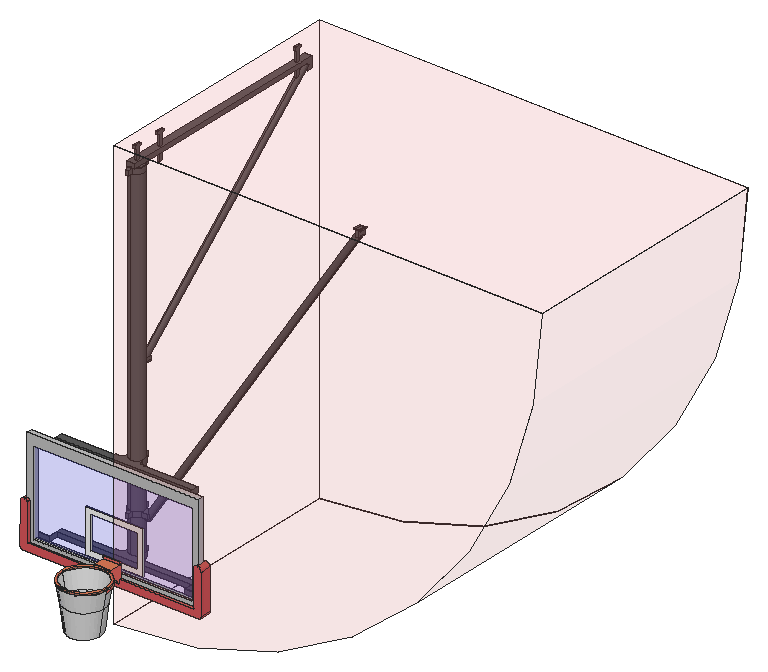
Revit family "Gymnasium-Eqpt_Basketball_IPIbybison_IP1345SF", category Specialty Equipment, Revit 2018
Family settings
  Round Connector Dimension = Use Diameter
  Part Type = Normal
  Always vertical = Yes
  Cut with Voids When Loaded = No
  Shared = No
  Room Calculation Point = No
Parameters (values of type "Right Fold")
  swingvis [instance] = and(Swing Clearance Visible, or(Fold Left, Fold Right))  # yes
  swingangle [instance] = if(Fold Left, 90.00°, -90.00°)  # -90.00°
  Warranty Duration (Years) = 0
  Unit Weight [instance] = 0
  URL = "https://ipibybison.com/"
  Swing Clearance Visible [instance] = yes
  Specification = ""
  SpecWizard = ""
  Set Frame Below Truss Level [instance] = -0' - 1"
  Sales Information = "https://ipibybison.com/ArchitectsPage.php"
  Rim Color [instance] = Plastic - IPI by Bison - Orange OR
  Revision = "R1_01-2018"
  Product Properties = ""
  Product Data = "http://www.arcat.com/arcatcos/cos49/arc49571.html"
  Net Color [instance] = Finish - IPI by Bison - White Netting
  Model = "IP1345SFR 23'"
  Manufacturer Website = "https://ipibybison.com/"
  Manufacturer Phone - Toll Free = "800-637-7968"
  Manufacturer Phone = ""
  Manufacturer Fax = "800-638-0698"
  Manufacturer Address = "603 L St  Lincoln, NE 68508"
  Manufacturer = "IPI by Bison"
  Maintenance Schedule (Months) = 0
  Installation-Fabrication = ""
  Installation Phase = ""
  Green Building-LEED = ""
  Glass [instance] = Glass
  Frame Finish [instance] = Finish - IPI by Bison - Black
  Folding Clearance [instance] = ARCAT Clearance
  Fold Right = yes
  Fold Left = no
  F_Length of Piping Below Brace Point [instance] = 1' - 6"
  FF to Top of Hoop [instance] = 10' - 0"
  Expected Lifespan (Years) = 0
  Drawn By = "Sumex Design, Inc. / Robert S. Weygant, CSI, CDT, SCIP"
  Description = "IPI by Bison Right Side Folding Basketball Frame and Backboard - IP1345SFR 23' as Specified"
  Copyright = "©Arcat Inc."
  Construction Details = ""
  Backboard Type = Backboard_BA42XLGlass : Backboard_BA42XLGlass
  Backboard Square Color [instance] = Finish - IPI by Bison - White
  Backboard Padding Color [instance] = Plastic - IPI by Bison - Scarlet SC
  Backboard Frame Color [instance] = Finish - IPI by Bison - Satin Aluminum
  Backboard Distance from Wall [instance] = 7' - 0"
  B_Distance Between Y Frame Supports [instance] = 6' - 0"
  Available Options = "as Specified"
  A_Distance to Brace [instance] = 7' - 10"
Types (2): name | swingangle | Model | Fold Right | Fold Left | Description
  Right Fold | -90.00° | "IP1345SFR 23'" | yes | no | "IPI by Bison Right Side Folding Basketball Frame and Backboard - IP1345SFR 23' as Specified"
  Left Fold | 90.00° | "IP1345SFL 23'" | no | yes | "IPI by Bison Left Side Folding Basketball Frame and Backboard - IP1345SFL 23' as Specified"
Reference planes (in)
  plane 1 "Center (Front/Back)": y = 0
  plane 2: z = 0
  plane 3 "Center (Left/Right)": x = 0
  plane 4: y = -84
  plane 5: z = 120
  plane 6: y = -72
  plane 7: y = 0
Forms (in)
  Revolve 1, solid, material "ARCAT Clearance" <- "Folding Clearance", visible <- "swingvis"
    sketch origin (0, 0, 0) x (0, 1, 0) y (0, 0, 1)
      loop
        line (12, 276) -> (-96, 276) -> (-96, 96) -> (12, 96) -> (12, 276)
      axis (12, 276) -> (-96, 276)
    angle from 0 to -90 <- "swingangle"
Dimensions and locks (in)
  "Backboard Distance from Wall": plane 4 to plane 1 "Center (Front/Back)"
  "FF to Top of Hoop": plane 5 to level
  locked: plane 4 to plane 6 at 12
  "B_Distance Between Y Frame Supports": plane 6 to plane 7
  locked: plane 7 to Revolve 1 sketch curve at 12
  locked: Revolve 1 sketch curve to plane 4 at 12
  locked: Revolve 1 sketch curve to plane 5 at 24
  aligned and locked: level to plane 2
  aligned and locked: plane 4 to nested 1
  aligned and locked: nested 2 to plane 3 "Center (Left/Right)"
  aligned and locked: nested 3 to plane 3 "Center (Left/Right)"
  aligned and locked: nested 2 to plane 4
  aligned and locked: plane 4 to nested 3
  aligned and locked: level to Revolve 1 sketch curve
Automatic sketch dimensions
  Revolve 1 sketch curve to level = 0' - 0"
  Revolve 1 sketch curve to Revolve 1 sketch curve = 1' - 10"
  Revolve 1 sketch curve to Revolve 1 sketch curve = 0' - 8"
Nested families (in)
  nested 1: "Backboard_BA42XLGlass" at (0, -84, 120) x (-1, 0, 0) z (0, 0, 1), built-in parameter 1001364 <- "FF to Top of Hoop", backboard color <- "Backboard Frame Color", backboard square color <- "Backboard Square Color", frame finish <- "Frame Finish", glass <- "Glass", rim finish <- "Rim Color", net color <- "Net Color", padding color <- "Backboard Padding Color", height offset <- "FF to Top of Hoop", type "Backboard_BA42XLGlass"
    with rim finish Plastic - IPI by Bison - Orange OR, padding color Plastic - IPI by Bison - Scarlet SC, net color Finish - IPI by Bison - White Netting, height offset 10' - 0", glass Glass, frame finish Finish - IPI by Bison - Black, backboard square color Finish - IPI by Bison - White, backboard color Finish - IPI by Bison - Satin Aluminum
  nested 2: "Frame_SFSB" at (0, -84, 275) x (0, -1, 0) z (0, 0, 1), built-in parameter 1001364 <- "Set Frame Below Truss Level", a <- "A_Distance to Brace", b <- "B_Distance Between Y Frame Supports", f <- "F_Length of Piping Below Brace Point", frame <- "Frame Finish", visible <- "Fold Right", type "Frame_SFSB"
    with frame Finish - IPI by Bison - Black, f 1' - 6", b 6' - 0", a 7' - 10"
  nested 3: "Frame_SFSB" at (0, -84, 275) x (0, -1, 0) z (0, 0, 1), built-in parameter 1001364 <- "Set Frame Below Truss Level", a <- "A_Distance to Brace", b <- "B_Distance Between Y Frame Supports", f <- "F_Length of Piping Below Brace Point", frame <- "Frame Finish", visible <- "Fold Left", type "Frame_SFSB"
    with frame Finish - IPI by Bison - Black, f 1' - 6", b 6' - 0", a 7' - 10"
Definition of nested family "Backboard_BA42XLGlass"
  Parameters (values of type "Backboard_BA42XLGlass")
    padding color [instance] = none
    net color [instance] = none
    rim finish [instance] = none
    height offset [instance] = 9' - 6"
    glass [instance] = none
    frame finish [instance] = none
    backboard square color [instance] = none
    backboard color [instance] = none
    Default Elevation = 4' - 0"
  Reference planes (in)
    plane 1 "Center (Front/Back)": y = 0
    plane 2: z = 0
    plane 3 "Center (Left/Right)": x = 0
    plane 4: z = -114
  Forms (in)
    Extrusion 1, solid, material <- "backboard color"
      sketch origin (-8.43545, 11.2937, 28.94441) x (1, 0, 0) y (0, 0, 1)
        loop
          line (-27.56455, 6.99989) -> (-27.56455, -35.00011) -> (44.43545, -35.00011) -> (44.43545, 6.99989) -> (-27.56455, 6.99989)
        loop
          line (41.81045, 2.74989) -> (-24.93955, 2.74989) -> (-24.93955, -32.37511) -> (41.81045, -32.37511) -> (41.81045, 2.74989)
      from 1.125 to -1.125
    Extrusion 2, solid, material <- "padding color"
      sketch origin (-8.43545, 11.2937, 29.06941) x (1, 0, 0) y (0, 0, 1)
        loop
          line (-27.55038, -17.62511) -> (-27.80038, -17.62511)
          arc (-27.80038, -17.62511) -> (-29.03781, -18.13767) -> (-29.55038, -19.37511) r 1.75
          line (-29.55038, -19.37511) -> (-29.55038, -36.12511)
          arc (-29.55038, -36.12511) -> (-29.25748, -36.83222) -> (-28.55038, -37.12511) r 1
          line (-28.55038, -37.12511) -> (45.44962, -37.12511)
          arc (45.44962, -37.12511) -> (46.15673, -36.83222) -> (46.44962, -36.12511) r 1
          line (46.44962, -36.12511) -> (46.44962, -19.37511)
          arc (46.44962, -19.37511) -> (45.93706, -18.13767) -> (44.69962, -17.62511) r 1.75
          line (44.69962, -17.62511) -> (44.42127, -17.62511)
          arc (44.42127, -17.62511) -> (43.71416, -17.918) -> (43.42127, -18.62511) r 1
          line (43.42127, -18.62511) -> (43.42127, -33.98376) -> (-26.55038, -33.98376) -> (-26.55038, -18.62511)
          arc (-26.55038, -18.62511) -> (-26.84327, -17.918) -> (-27.55038, -17.62511) r 1
      from -2.18697 to 2.14819
    Revolve 3, solid, material <- "net color"
      sketch origin (-8.43545, 27.4812, 28.93687) x (1, 0, 0) y (0, 0, 1)
        loop
          circle (-0.85808, -29.24642) r 0.3125
        loop
          line (-1.03195, -29.9762) -> (0.27041, -37.36226) -> (1.80132, -48.25521) -> (2.05377, -48.25521) -> (0.51737, -37.32314) -> (-0.77809, -29.9762) -> (-1.03195, -29.9762)
        axis (8.43545, -48.25521) -> (8.43545, -29.24642)
      angle from 0 to 360
    Revolve 4, solid, material <- "rim finish"
      sketch origin (0.02792, 11.2937, 0) x (0, 1, 0) y (0, 0, 1)
        loop
          line (6.79001, -0.625) -> (6.54001, -0.625) -> (6.54001, -2.125) -> (6.79001, -2.125) -> (6.79001, -0.625)
        axis (16.04001, -2.125) -> (16.04001, -0.625)
      angle from -90 to 90
    Extrusion 5, solid, material <- "rim finish"
      sketch origin (0, 0, 0) x (0, 1, 0) y (0, 0, 1)
        loop
          line (17.69724, 0) -> (12.8212, 0) -> (13.12361, 1.21287) -> (12.79369, 1.29513) -> (12.47078, 0) -> (12.47078, -6.5) -> (13.63137, -6.5) -> (17.69724, -2.43414) -> (17.69724, 0)
      from -3.50075 to 3.49925
    Extrusion 6, solid, material <- "backboard square color"
      sketch origin (0.02792, 11.2937, 0) x (1, 0, 0) y (0, 0, 1)
        loop
          line (-12.02792, 16.0023) -> (-12.02792, -1.9977) -> (11.97208, -1.9977) -> (11.97208, 16.0023) -> (-12.02792, 16.0023)
        loop
          line (-10.02792, 14.0023) -> (-10.02792, 0) -> (9.97208, 0) -> (9.97208, 14.0023) -> (-10.02792, 14.0023)
      from -0.44333 to 0.05679
    Extrusion 7, solid, material <- "glass"
      sketch origin (0.02792, 11.2937, 0) x (1, 0, 0) y (0, 0, 1)
        loop
          line (-33.40292, 31.6943) -> (-33.40292, -3.4307) -> (33.34708, -3.4307) -> (33.34708, 31.6943) -> (-33.40292, 31.6943)
      from -0.405 to 0
    Extrusion 8, solid, material <- "frame finish"
      sketch origin (0, 11.2937, 0) x (1, 0, 0) y (0, 1, 0)
        loop
          line (-28.5, -7.7495) -> (-6, -7.7495) -> (-6, -8.1245) -> (-4.12188, -8.1245) -> (-3.02199, -10.02957)
          arc (-3.02199, -10.02957) -> (-2.89931, -12.81607) -> (-0.66175, -14.4813) r 3.25
          line (-0.66175, -14.4813) -> (-0.66175, -16.28845) -> (0.60591, -16.28845) -> (0.60591, -14.4813)
          arc (0.60591, -14.4813) -> (2.82905, -12.84298) -> (2.98938, -10.08605) r 3.25
          line (2.98938, -10.08605) -> (4.12188, -8.1245) -> (6, -8.1245) -> (6, -7.7495) -> (28.5, -7.7495) -> (28.5, -1.4995) -> (33, -1.4995) -> (33, -1.125) -> (28.25, -1.125) -> (28.25, -4.7495) -> (-28.25, -4.7495) -> (-28.25, -1.125) -> (-33, -1.125) -> (-33, -1.4995) -> (-28.5, -1.4995) -> (-28.5, -7.7495)
      from -3.4307 to -1.5237
    Extrusion 9, solid, material <- "frame finish"
      sketch origin (0, 11.2937, 0) x (1, 0, 0) y (0, 1, 0)
        loop
          line (-28.5, -7.7495) -> (-6, -7.7495) -> (-6, -8.1245) -> (-4.12188, -8.1245) -> (-3.02199, -10.02957)
          arc (-3.02199, -10.02957) -> (-2.89931, -12.81607) -> (-0.66175, -14.4813) r 3.25
          line (-0.66175, -14.4813) -> (-0.66175, -16.28845) -> (0.60591, -16.28845) -> (0.60591, -14.4813)
          arc (0.60591, -14.4813) -> (2.82905, -12.84298) -> (2.98938, -10.08605) r 3.25
          line (2.98938, -10.08605) -> (4.12188, -8.1245) -> (6, -8.1245) -> (6, -7.7495) -> (28.5, -7.7495) -> (28.5, -1.4995) -> (33, -1.4995) -> (33, -1.125) -> (28.25, -1.125) -> (28.25, -4.7495) -> (-28.25, -4.7495) -> (-28.25, -1.125) -> (-33, -1.125) -> (-33, -1.4995) -> (-28.5, -1.4995) -> (-28.5, -7.7495)
      from 31.75979 to 34.1423
  Lines and regions (in)
    model lines
      curve 1: line (-0.00075, 0, 0) -> (-0.00075, 0, -114)
  Dimensions and locks (in)
    "height offset": level to plane 4
    aligned and locked: plane 2 to level
    aligned and locked: plane 4 to curve 1
  Automatic sketch dimensions
    curve 1 to level = 0' - 0"
    curve 1 to plane 3 "Center (Left/Right)" = 0' - 0.00075"
    Extrusion 1 sketch curve to plane 3 "Center (Left/Right)" = 3' - 0"
    Extrusion 1 sketch curve to Extrusion 1 sketch curve = 0' - 2 5/8"  (x2)
    plane 3 "Center (Left/Right)" to Extrusion 1 sketch curve = 2' - 9 3/8"
    Extrusion 1 sketch curve to level = 0' - 6.0557"
    Extrusion 1 sketch curve to level = 0' - 3.4307"
    level to Extrusion 1 sketch curve = 2' - 7.6943"
    Extrusion 1 sketch curve to Extrusion 1 sketch curve = 0' - 4 1/4"
    level to Extrusion 2 sketch curve = 0' - 9.6943"
    Extrusion 2 sketch curve to plane 3 "Center (Left/Right)" = 3' - 1.98582"
    Extrusion 2 sketch curve to Extrusion 2 sketch curve = 0' - 1"  (x4)
    Extrusion 2 sketch curve to Extrusion 2 sketch curve = 0' - 1 3/4"
    Extrusion 2 sketch curve to Extrusion 2 sketch curve = 0' - 0 1/4"
    level to Extrusion 2 sketch curve = 0' - 10.4443"
    plane 3 "Center (Left/Right)" to Extrusion 2 sketch curve = 2' - 10.98582"
    Extrusion 2 sketch curve to Extrusion 2 sketch curve = 0' - 0.27835"
    Extrusion 2 sketch curve to Extrusion 2 sketch curve = 0' - 2.02835"
    Extrusion 2 sketch curve to level = 0' - 4.91435"
    Extrusion 2 sketch curve to Extrusion 2 sketch curve = 0' - 2.14135"
    Revolve 3 sketch curve to plane 3 "Center (Left/Right)" = 0' - 0"
    Revolve 3 sketch curve to plane 3 "Center (Left/Right)" = 0' - 6.38167"
    Revolve 3 sketch curve to Revolve 3 sketch curve = 0' - 0.25246"
    Revolve 3 sketch curve to plane 3 "Center (Left/Right)" = 0' - 7.91808"
    Revolve 3 sketch curve to Revolve 3 sketch curve = 0' - 0.24696"
    Revolve 3 sketch curve to level = 0' - 1.03933"
    Revolve 3 sketch curve to Revolve 3 sketch curve = 0' - 1.0485"
    Revolve 3 sketch curve to level = 0' - 0.30954"
    Revolve 3 sketch curve to Revolve 3 sketch curve = 0' - 0.07999"
    Revolve 3 sketch curve to Revolve 3 sketch curve = 0' - 0.25386"
    Revolve 3 sketch curve to Revolve 3 sketch curve = 0' - 7.34694"
    Revolve 3 sketch curve to Revolve 3 sketch curve = 0' - 0.03911"
    Revolve 3 sketch curve to Revolve 3 sketch curve = 0' - 10.89295"
    Revolve 3 sketch curve to level = 0' - 0.00754"
    level to Revolve 3 sketch curve = 0' - 2.99246"
    Revolve 4 sketch curve to level = 0' - 2 1/8"
    Revolve 4 sketch curve to plane 1 "Center (Front/Back)" = 1' - 5.83371"
    Revolve 4 sketch curve to Revolve 4 sketch curve = 0' - 0 1/4"
    Revolve 4 sketch curve to level = 0' - 0 5/8"  (x2)
    Revolve 4 sketch curve to Revolve 4 sketch curve = 0' - 9 1/4"
    level to Revolve 4 sketch curve = 0' - 3 1/8"
    Extrusion 5 sketch curve to level = 0' - 0"  (x2)
    Extrusion 5 sketch curve to plane 1 "Center (Front/Back)" = 1' - 0.47078"
    level to Extrusion 5 sketch curve = 0' - 1.29513"
    Extrusion 5 sketch curve to Extrusion 5 sketch curve = 0' - 0.32291"
    Extrusion 5 sketch curve to Extrusion 5 sketch curve = 0' - 0.35043"
    Extrusion 5 sketch curve to Extrusion 5 sketch curve = 0' - 1.16059"
    Extrusion 5 sketch curve to Extrusion 5 sketch curve = 0' - 4.57363"
    Extrusion 5 sketch curve to Extrusion 5 sketch curve = 0' - 2.43414"
    Extrusion 5 sketch curve to Extrusion 5 sketch curve = 0' - 6 1/2"
    Extrusion 6 sketch curve to level = 0' - 0"
    Extrusion 6 sketch curve to level = 0' - 1.9977"
    Extrusion 6 sketch curve to plane 3 "Center (Left/Right)" = 1' - 0"
    Extrusion 6 sketch curve to Extrusion 6 sketch curve = 0' - 2"  (x3)
    plane 3 "Center (Left/Right)" to Extrusion 6 sketch curve = 0' - 10"
    Extrusion 6 sketch curve to Extrusion 6 sketch curve = 1' - 2.0023"
    Extrusion 7 sketch curve to plane 3 "Center (Left/Right)" = 2' - 9 3/8"
    Extrusion 7 sketch curve to level = 0' - 3.4307"
    plane 3 "Center (Left/Right)" to Extrusion 7 sketch curve = 2' - 9 3/8"
    level to Extrusion 7 sketch curve = 2' - 7.6943"
    Extrusion 8 sketch curve to Extrusion 8 sketch curve = 0' - 0"  (x3)
    plane 1 "Center (Front/Back)" to Extrusion 8 sketch curve = 0' - 0"
    Extrusion 8 sketch curve to plane 1 "Center (Front/Back)" = 0' - 9.7942"
    Extrusion 8 sketch curve to plane 3 "Center (Left/Right)" = 2' - 9"
    Extrusion 8 sketch curve to plane 1 "Center (Front/Back)" = 0' - 3.5442"
    Extrusion 8 sketch curve to Extrusion 8 sketch curve = 0' - 4 1/2"  (x2)
    Extrusion 8 sketch curve to Extrusion 8 sketch curve = 0' - 0 1/4"  (x2)
    Extrusion 8 sketch curve to plane 3 "Center (Left/Right)" = 0' - 6"
    Extrusion 8 sketch curve to Extrusion 8 sketch curve = 0' - 1.87812"  (x2)
    Extrusion 8 sketch curve to Extrusion 8 sketch curve = 0' - 1.09989"
    Extrusion 8 sketch curve to plane 3 "Center (Left/Right)" = 0' - 0.66175"
    Extrusion 8 sketch curve to plane 3 "Center (Left/Right)" = 0' - 0.02792"
    plane 3 "Center (Left/Right)" to Extrusion 8 sketch curve = 0' - 0.60591"
    Extrusion 8 sketch curve to plane 1 "Center (Front/Back)" = 0' - 1.20765"
    plane 3 "Center (Left/Right)" to Extrusion 8 sketch curve = 0' - 2.98938"
    Extrusion 8 sketch curve to Extrusion 8 sketch curve = 0' - 1.1325"
    Extrusion 8 sketch curve to plane 1 "Center (Front/Back)" = 0' - 10.1687"
    Extrusion 8 sketch curve to Extrusion 8 sketch curve = 1' - 10 1/4"
    Extrusion 8 sketch curve to Extrusion 8 sketch curve = 0' - 1.80715"
    Extrusion 8 sketch curve to Extrusion 8 sketch curve = 0' - 0 3/8"  (x2)
    Extrusion 8 sketch curve to plane 1 "Center (Front/Back)" = 0' - 3.1692"
    Extrusion 8 sketch curve to Extrusion 8 sketch curve = 0' - 3"
    Extrusion 8 sketch curve to Extrusion 8 sketch curve = 0' - 0.3745"  (x2)
    Extrusion 9 sketch curve to Extrusion 9 sketch curve = 0' - 0"  (x3)
    plane 1 "Center (Front/Back)" to Extrusion 9 sketch curve = 0' - 0"
    Extrusion 9 sketch curve to plane 1 "Center (Front/Back)" = 0' - 9.7942"
    Extrusion 9 sketch curve to plane 3 "Center (Left/Right)" = 2' - 9"
    Extrusion 9 sketch curve to plane 1 "Center (Front/Back)" = 0' - 3.5442"  (x2)
    Extrusion 9 sketch curve to Extrusion 9 sketch curve = 0' - 4 1/2"  (x2)
    Extrusion 9 sketch curve to Extrusion 9 sketch curve = 0' - 0 1/4"  (x2)
    Extrusion 9 sketch curve to plane 3 "Center (Left/Right)" = 0' - 6"
    Extrusion 9 sketch curve to Extrusion 9 sketch curve = 0' - 1.87812"  (x2)
    Extrusion 9 sketch curve to Extrusion 9 sketch curve = 0' - 1.09989"
    Extrusion 9 sketch curve to plane 3 "Center (Left/Right)" = 0' - 0.66175"
    Extrusion 9 sketch curve to plane 3 "Center (Left/Right)" = 0' - 0.02792"
    plane 3 "Center (Left/Right)" to Extrusion 9 sketch curve = 0' - 0.60591"
    Extrusion 9 sketch curve to plane 1 "Center (Front/Back)" = 0' - 1.20765"
    plane 3 "Center (Left/Right)" to Extrusion 9 sketch curve = 0' - 2.98938"
    Extrusion 9 sketch curve to Extrusion 9 sketch curve = 0' - 1.1325"
    Extrusion 9 sketch curve to plane 1 "Center (Front/Back)" = 0' - 10.1687"
    Extrusion 9 sketch curve to Extrusion 9 sketch curve = 1' - 10 1/4"
    Extrusion 9 sketch curve to Extrusion 9 sketch curve = 0' - 1.80715"
    Extrusion 9 sketch curve to Extrusion 9 sketch curve = 0' - 0 3/8"
    Extrusion 9 sketch curve to plane 1 "Center (Front/Back)" = 0' - 3.1692"
    Extrusion 9 sketch curve to Extrusion 9 sketch curve = 0' - 3"
    Extrusion 9 sketch curve to Extrusion 9 sketch curve = 0' - 0.3745"  (x2)
    radius of Revolve 3 sketch curve = 0' - 0 5/16"
Definition of nested family "Frame_SFSB"
  Parameters (values of type "Frame_SFSB")
    frame [instance] = none
    f [instance] = 1' - 6"
    b [instance] = 3' - 0"
    a [instance] = 7' - 10"
    Default Elevation = 4' - 0"
  Reference planes (in)
    plane 1 "Center (Front/Back)": y = 0
    plane 2: z = 0
    plane 3 "Center (Left/Right)": x = 0
    plane 4: z = -4.125
    plane 5: z = -159.08066
    plane 6: z = -141.08066
    plane 7: y = 94
    plane 8: x = -12
    plane 9: x = -48
  Forms (in)
    Extrusion 1, solid, material <- "frame"
      sketch origin (0, 0, 0) x (-1, 0, 0) y (0, 0, 1)
        loop
          line (-3, -10.93966) -> (52, -10.93966) -> (52, -13.93966) -> (54, -13.93966) -> (54, -9.12716) -> (-3, -9.12716) -> (-3, -10.93966)
      from -1.5 to 1.5
    Sweep 2, solid, material <- "frame"
      path origin (0, 0, 0) x (-1, 0, 0) y (0, 0, 1)
        loop
          line (52.82457, -11.97955) -> (4.2199, -85.60455)
      profile origin (-28.52224, 0, -48.79205) x (-0.834546, 0, -0.550938) y (0, 1, 0)
        loop
          circle (0, 0) r 1.1875
    Extrusion 3, solid, material <- "frame"
      sketch origin (0, 0, 0) x (-1, 0, 0) y (0, 0, 1)
        loop
          line (11.5, -3.57547) -> (10.8199, -3.57547) -> (10.8199, -4.57547) -> (11.5, -4.57547) -> (11.5, -14.94659) -> (12.5, -14.94659) -> (12.5, -4.50272) -> (13.68819, -4.50272) -> (13.68819, -3.67379) -> (12.875, -3.67379) -> (12.875, -3.45566) -> (11.5, -3.45566) -> (11.5, -3.57547)
        loop
          line (47.5, -3.57547) -> (46.8199, -3.57547) -> (46.8199, -4.57547) -> (47.5, -4.57547) -> (47.5, -14.94659) -> (48.5, -14.94659) -> (48.5, -4.50272) -> (49.68819, -4.50272) -> (49.68819, -3.67379) -> (48.875, -3.67379) -> (48.875, -3.45566) -> (47.5, -3.45566) -> (47.5, -3.57547)
        loop
          line (-0.5, -3.57547) -> (-1.1801, -3.57547) -> (-1.1801, -4.57547) -> (-0.5, -4.57547) -> (-0.5, -14.94659) -> (0.5, -14.94659) -> (0.5, -4.50272) -> (1.68819, -4.50272) -> (1.68819, -3.67379) -> (0.875, -3.67379) -> (0.875, -3.45566) -> (-0.5, -3.45566) -> (-0.5, -3.57547)
      from -0.4375 to 0.4375
    Extrusion 4, solid, material <- "frame"
      sketch origin (0, 0, 0) x (0, -1, 0) y (0, 0, 1)
        loop
          line (-1.5, -85.08066) -> (-1.5, -86.58066)
          arc (-1.5, -86.58066) -> (-1.35355, -86.93421) -> (-1, -87.08066) r 0.5
          line (-1, -87.08066) -> (1, -87.08066)
          arc (1, -87.08066) -> (1.35355, -86.93421) -> (1.5, -86.58066) r 0.5
          line (1.5, -86.58066) -> (1.5, -85.08066) -> (-1.5, -85.08066)
      from -0.06845 to 5.8145
    Extrusion 5, solid, material <- "frame"
      sketch origin (0, 0, 0) x (-1, 0, 0) y (0, -1, 0)
        loop
          circle (0, 0) r 3
      from -159.08066 to -10.81466
    Extrusion 6, solid, material <- "frame"
      sketch origin (0, 0, 0) x (-1, 0, 0) y (0, -1, 0)
        loop
          line (-5.03472, 0.60591) -> (-5.03472, -0.60591) -> (-3.12072, -0.60591)
          arc (-3.12072, -0.60591) -> (0, -3.179) -> (3.12072, -0.60591) r 3.179
          line (3.12072, -0.60591) -> (5.03472, -0.60591) -> (5.03472, 0.60591) -> (3.12072, 0.60591)
          arc (3.12072, 0.60591) -> (0, 3.179) -> (-3.12072, 0.60591) r 3.179
          line (-3.12072, 0.60591) -> (-5.03472, 0.60591)
      from -13.07366 to -11.07366
    Sweep 7, solid, material <- "frame"
      path origin (0, 0, 0) x (0, -1, 0) y (0, 0, 1)
        loop
          line (-4.7442, -142.54073) -> (-94, -3.76608)
      profile origin (0, 49.3721, -73.15341) x (0, 0.841058, -0.540944) y (-1, 0, 0)
        loop
          circle (0, 0) r 1.1875
    Extrusion 8, solid, material <- "frame"
      sketch origin (0, 0, 0) x (-1, 0, 0) y (0, -1, 0)
        loop
          line (-5.03472, 0.60591) -> (-5.03472, -0.60591) -> (-3.12072, -0.60591)
          arc (-3.12072, -0.60591) -> (-2.55821, -1.88723) -> (-1.5, -2.80286) r 3.179
          line (-1.5, -2.80286) -> (-1.5, -6.10591) -> (1.5, -6.10591) -> (1.5, -2.80286)
          arc (1.5, -2.80286) -> (2.55821, -1.88723) -> (3.12072, -0.60591) r 3.179
          line (3.12072, -0.60591) -> (5.03472, -0.60591) -> (5.03472, 0.60591) -> (3.12072, 0.60591)
          arc (3.12072, 0.60591) -> (0, 3.179) -> (-3.12072, 0.60591) r 3.179
          line (-3.12072, 0.60591) -> (-5.03472, 0.60591)
      from -142.08066 to -140.08066
    Extrusion 9, solid, material <- "frame"
      sketch origin (0, 0, -1.125) x (0, -1, 0) y (0, 0, 1)
        loop
          line (-94.625, -0.80732) -> (-94.625, -3.80732) -> (-93.375, -3.80732) -> (-93.375, -0.80732) -> (-94.625, -0.80732)
      from -1.5 to 1.5
    Extrusion 10, solid, material <- "frame"
      sketch origin (0, 0, -1.125) x (0, -1, 0) y (0, 0, 1)
        loop
          line (-95.5, -0.80732) -> (-95.5, -1.05732) -> (-92.5, -1.05732) -> (-92.5, -0.80732) -> (-95.5, -0.80732)
      from -1.5 to 1.5
  Dimensions and locks (in)
    locked: level to plane 4 at 4.125
    "f": plane 6 to plane 5
    locked: level to plane 6 at 141.08066
    locked: plane 3 "Center (Left/Right)" to Sweep 2 sketch curve at 4.2199
    locked: plane 4 to Sweep 2 sketch curve at 7.85455
    locked: Extrusion 1 sketch curve to Extrusion 1 sketch curve at 2
    Extrusion 3 sketch curve to Extrusion 3 sketch curve to Extrusion 3 sketch curve to Extrusion 3 sketch curve to Extrusion 3 sketch curve to Extrusion 3 sketch curve = 0' - 0.81319" locked, 0' - 0 3/8" locked, 0' - 1", 0' - 0" locked, 0' - 0.6801" locked  (x3)
    "a": plane 1 "Center (Front/Back)" to plane 7
    Extrusion 10 sketch curve to plane 7 to Extrusion 10 sketch curve = 0' - 1 1/2" locked, 0' - 1 1/2" locked
    Extrusion 9 sketch curve to plane 7 to Extrusion 9 sketch curve = 0' - 0 5/8" locked, 0' - 0 5/8" locked
    locked: plane 7 to Sweep 7 sketch curve at 0
    locked: level to Sweep 7 sketch curve at 3.76608
    locked: plane 6 to Sweep 7 sketch curve at 1.46007
    locked: plane 1 "Center (Front/Back)" to Sweep 7 sketch curve at 4.7442
    Extrusion 4 sketch curve to Extrusion 4 sketch curve to plane 6 = 0' - 2" locked, 4' - 6" locked
    locked: plane 3 "Center (Left/Right)" to plane 8 at 12
    "b": plane 8 to plane 9
    locked: plane 9 to Extrusion 3 sketch curve at 1.68819
    locked: plane 8 to Extrusion 3 sketch curve at 1.68819
    locked: plane 9 to Extrusion 1 sketch curve at 4
    locked: Extrusion 1 sketch curve to plane 3 "Center (Left/Right)" at 3
    locked: plane 9 to Sweep 2 sketch curve at 4.82457
    locked: plane 4 to Sweep 2 sketch curve at 81.47955
    locked: plane 3 "Center (Left/Right)" to Extrusion 3 sketch curve at 1.68819
    aligned and locked: plane 2 to level
    aligned and locked: plane 5 to Extrusion 5
  Automatic sketch dimensions
    Extrusion 1 sketch curve to plane 4 = 0' - 6.81466"
    Extrusion 1 sketch curve to plane 4 = 0' - 9.81466"
    Extrusion 1 sketch curve to Extrusion 1 sketch curve = 0' - 1 13/16"
    Sweep 2 sketch curve to profile plane = 0' - 0"
    profile plane to Sweep 2 sketch curve = 0' - 0"
    Extrusion 4 sketch curve to plane 1 "Center (Front/Back)" = 0' - 1 1/2"
    Extrusion 4 sketch curve to Extrusion 4 sketch curve = 0' - 0 1/2"  (x2)
    plane 1 "Center (Front/Back)" to Extrusion 4 sketch curve = 0' - 1"
    plane 1 "Center (Front/Back)" to Extrusion 5 sketch curve = 0' - 0"
    Extrusion 5 sketch curve to plane 3 "Center (Left/Right)" = 0' - 0"
    Extrusion 6 sketch curve to Extrusion 6 sketch curve = 0' - 0"  (x3)
    plane 1 "Center (Front/Back)" to Extrusion 6 sketch curve = 0' - 0"
    Extrusion 6 sketch curve to plane 3 "Center (Left/Right)" = 0' - 0"
    Extrusion 6 sketch curve to plane 1 "Center (Front/Back)" = 0' - 0.60591"  (x2)
    plane 3 "Center (Left/Right)" to Extrusion 6 sketch curve = 0' - 3.12072"
    plane 1 "Center (Front/Back)" to Extrusion 6 sketch curve = 0' - 0.60591"  (x2)
    Extrusion 6 sketch curve to Extrusion 6 sketch curve = 0' - 1.914"  (x2)
    Extrusion 6 sketch curve to plane 3 "Center (Left/Right)" = 0' - 3.12072"
    profile plane to Sweep 7 sketch curve = 0' - 0"
    Sweep 7 sketch curve to profile plane = 0' - 0"
    Extrusion 9 sketch curve to plane 4 = 0' - 0.80732"
    Extrusion 9 sketch curve to level = 0' - 1.93232"
    plane 4 to Extrusion 10 sketch curve = 0' - 1.94268"
    Extrusion 10 sketch curve to Extrusion 10 sketch curve = 0' - 0 1/4"
    Extrusion 8 sketch curve to Extrusion 8 sketch curve = 0' - 0"  (x6)
    plane 1 "Center (Front/Back)" to Extrusion 8 sketch curve = 0' - 0"
    Extrusion 8 sketch curve to plane 3 "Center (Left/Right)" = 0' - 0"
    plane 3 "Center (Left/Right)" to Extrusion 8 sketch curve = 0' - 1 1/2"
    Extrusion 8 sketch curve to plane 1 "Center (Front/Back)" = 0' - 0.60591"  (x2)
    plane 3 "Center (Left/Right)" to Extrusion 8 sketch curve = 0' - 3.12072"
    plane 1 "Center (Front/Back)" to Extrusion 8 sketch curve = 0' - 0.60591"  (x2)
    Extrusion 8 sketch curve to Extrusion 8 sketch curve = 0' - 1.914"  (x2)
    Extrusion 8 sketch curve to plane 3 "Center (Left/Right)" = 0' - 1 1/2"
    Extrusion 8 sketch curve to plane 3 "Center (Left/Right)" = 0' - 3.12072"
    Extrusion 8 sketch curve to Extrusion 8 sketch curve = 0' - 3.30305"
    plane 4 to Extrusion 3 sketch curve = 0' - 0.45121"  (x3)
    Extrusion 3 sketch curve to plane 4 = 0' - 0.37772"  (x3)
    Extrusion 3 sketch curve to plane 4 = 0' - 0.45047"  (x3)
    Extrusion 3 sketch curve to Extrusion 3 sketch curve = 0' - 10.37112"  (x3)
    plane 4 to Extrusion 3 sketch curve = 0' - 0.54953"  (x3)
    Extrusion 3 sketch curve to Extrusion 3 sketch curve = 0' - 0.21814"  (x3)
    radius of Sweep 2 sketch curve = 0' - 1 3/16"
    radius of Extrusion 5 sketch curve = 0' - 3"
    radius of Sweep 7 sketch curve = 0' - 1 3/16"
